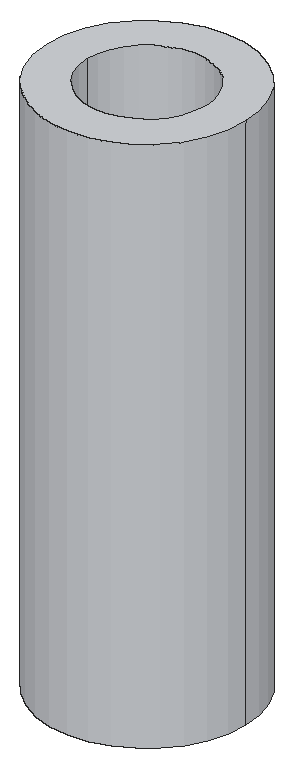
Revit family "Distanzmuffe rund VA", category HLS-Bauteile, Revit 2017
Family settings
  Bemaßung runder Anschluss = Durchmesser verwenden
  Teiletyp = Normal
  Arbeitsebenenbasiert = Nein
  Immer vertikal = Nein
  Beim Laden mit Abzugskörper schneiden = Nein
  Gemeinsam genutzt = Ja
  Raumberechnungspunkt = Nein
Parameters (values of type "Distanzmuffe rund M 8 L= 30, V2A")
  vpe = "100 St"
  Regelhalter [instance] = ""
  Mengeneinheit = "St"
  Material = "Edelstahl"
  Länge = 30 mm
  Kurztext2 = "Innengew. M8 L= 30 mm"
  Kurztext1 = "Distanzmuffe rund V2A"
  Gewinde = ""
  Gewicht pro Bauteil = Gewicht  # 0.0145 kg
  Gewicht = 0.0145 kg
  Festigkeitsklasse = ""
  Fabrikat = "MEFA"
  EAN = "4250928415981"
  D0 = 6.6 mm
  D = 11 mm
  Artikelnummer = "0700025"
Types (5, lengths in mm): name | vpe | Länge | Kurztext2 | Gewicht pro Bauteil | Gewicht | EAN | D0 | D | Artikelnummer
  (no name) | "100 St" | 30 | "Innengew. M8 L= 30 mm" | 0.0145 kg | 0.0145 kg | "4250928415981" | 6.6 | 11 | "0700025"
  Distanzmuffe rund M 8 L= 30, V2A | "100 St" | 30 | "Innengew. M8 L= 30 mm" | 0.0145 kg | 0.0145 kg | "4250928415981" | 6.6 | 11 | "0700025"
  Distanzmuffe rund M10 L= 40, V2A | "50 St" | 40 | "Innengew. M10 L= 40 mm" | 0.0248 kg | 0.0248 kg | "4250928415998" | 8.4 | 13 | "0700026"
  Distanzmuffe rund M12 L= 40, V2A | "50 St" | 40 | "Innengew. M12 L= 40 mm" | 0.0309 kg | 0.0309 kg | "4250928416001" | 10.2 | 15 | "0700027"
  Distanzmuffe rund M16 L= 50, V2A | "25 St" | 50 | "Innengew. M16 L= 50 mm" | 0.0919 kg | 0.0919 kg | "4250928416018" | 14 | 22 | "0700028"
Reference planes
  plane 1 "Mitte (Vorne/hinten)": y = 0
  plane 2: z = 0
  plane 3 "Mitte (Links/rechts)": x = 0
  plane 4: z = 30
Forms (mm)
  Extrusion 1, solid
    sketch origin (0, 0, 0) x (1, 0, 0) y (0, 1, 0)
      loop
        circle (0, 0) r 5.5
    from 0 to 30
  Extrusion 2, void
    sketch origin (0, 0, 0) x (1, 0, 0) y (0, 1, 0)
      loop
        circle (0, 0) r 3.3
    from 0 to 30
Cuts and joins
  Extrusion 2 cuts Extrusion 1
Lines and regions (mm)
  model lines, not visible
    curve 1: line (10, 0, 30) -> (-10, 0, 30)
    curve 2: line (0, 10, 30) -> (0, -10, 30)
    curve 3: line (0, 10, 0) -> (0, -10, 0)
    curve 4: line (10, 0, 0) -> (-10, 0, 0)
    curve 5: line (0, 0, 40) -> (0, 0, -10)
Dimensions and locks
  "Länge": level to plane 4
  "D": diameter of Extrusion 1 sketch curve
  "D0": diameter of Extrusion 2 sketch curve
  aligned and locked: level to plane 2
  aligned and locked: Extrusion 1 to level
  aligned and locked: Extrusion 1 to curve 1
  aligned and locked: plane 4 to Extrusion 1
  aligned and locked: curve 2 to plane 4
  aligned and locked: curve 3 to level
  aligned and locked: curve 4 to level
  aligned and locked: plane 3 "Mitte (Links/rechts)" to curve 5
  aligned and locked: curve 5 to plane 1 "Mitte (Vorne/hinten)"
  aligned and locked: Extrusion 1 to Extrusion 2
  aligned and locked: plane 4 to cut or joined group of Extrusion 1, Extrusion 2  (x2)
Automatic sketch dimensions
  plane 1 "Mitte (Vorne/hinten)" to curve 2 = 10 mm
  plane 1 "Mitte (Vorne/hinten)" to curve 3 = 10 mm
  curve 3 to plane 1 "Mitte (Vorne/hinten)" = 10 mm
  curve 2 to plane 1 "Mitte (Vorne/hinten)" = 10 mm
  curve 1 to plane 3 "Mitte (Links/rechts)" = 10 mm
  curve 4 to plane 3 "Mitte (Links/rechts)" = 10 mm
  plane 3 "Mitte (Links/rechts)" to curve 4 = 10 mm
  plane 3 "Mitte (Links/rechts)" to curve 1 = 10 mm
  curve 5 to level = 10 mm
  plane 1 "Mitte (Vorne/hinten)" to Extrusion 1 sketch curve = 0 mm
  Extrusion 1 sketch curve to plane 3 "Mitte (Links/rechts)" = 0 mm
  plane 1 "Mitte (Vorne/hinten)" to Extrusion 2 sketch curve = 0 mm
  Extrusion 2 sketch curve to plane 3 "Mitte (Links/rechts)" = 0 mm
  plane 4 to curve 5 = 10 mm
